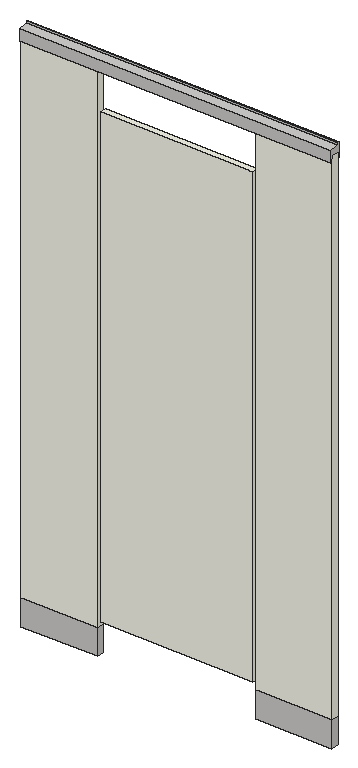
Revit family
Parameters (values of type "B2082")
  URL = "http://www.bobrick.com"
  Right Stile Headrail Value = if(Right Stile Visible, Right Stile Value, 0")  # 12"
  Partition Material = Laminated Plastic - Bobrick - Designer White
  Panel Value = if(DoorPanel Width < 1", 1", if(DoorPanel Width > 84", 84", DoorPanel Width))  # 24"
  Model = "B2082 DuraLineSeries Overhead Braced"
  Manufacturer = "Bobrick Washroom Equipment, Inc."
  Left Stile Headrail Value = if(Left Stile Visible, Left Stile Value, 0")  # 12"
  Inswing Value = if(DoorPanel Width < 22", 22", if(DoorPanel Width > 37", 37", DoorPanel Width))  # 24"
  DoorPanel Width = 24"
  Right Stile Width = 12"
  Right Stile Visible = yes
  Right Stile Value = if(Right Stile Width < 3", 3", if(Right Stile Width > 24", 24", Right Stile Width))  # 12"
  Panel = not(Door Panel)  # no
  Outswing Value = if(DoorPanel Width < 25", 25", if(DoorPanel Width > 37", 37", DoorPanel Width))  # 25"
  Outswing = and(not(Inswing Visibility), Door Panel)  # no
  Left Stile Width = 12"
  Left Stile Visible = yes
  Left Stile Value = if(Left Stile Width < 3", 3", if(Left Stile Width > 24", 24", Left Stile Width))  # 12"
  Inswing Visibility = and(Inswing, Door Panel)  # yes
  Inswing = yes
  Width Value = if(Inswing Visibility, Inswing Value, if(Outswing, Outswing Value, if(Panel, Panel Value, 36")))  # 24"
  Door Panel = yes
  Description = "Laminated Plastic Partitions And Screens With Stainless Steel Edges"
  Assembly Code = "C1030200"
  ADA Compliant = yes
Reference planes (in)
  plane 1 "Center (Front/Back)": y = 0
  plane 2: z = 0
  plane 3 "Center (Left/Right)": x = 0
  plane 4: x = -24.5
  plane 5: x = 24.5
  plane 6: y = 0.5
  plane 7: y = -0.5
  plane 8: x = -12.5
  plane 9: x = 12.5
  plane 10: x = -12
  plane 11: x = 12
  plane 12: z = 4
  plane 13: z = 5
  plane 14: z = 77
  plane 15: z = 41
  plane 16: y = 24.5
  plane 17: x = 11
  plane 18: z = 85
  plane 19: z = 83.5625
  plane 20: z = 82.8125
  plane 21: z = 84.31651
Forms (in)
  Extrusion 1, solid, material "Laminated Plastic - Bobrick - Designer White" <- "Partition Material", visible <- "Left Stile Visible"
    sketch origin (0, 0, 0) x (1, 0, 0) y (0, 1, 0)
      loop
        line (-24.5, 0.5) -> (-24.5, -0.5) -> (-12.5, -0.5) -> (-12.5, 0.5) -> (-24.5, 0.5)
    from 4 to 83.5625
  Extrusion 2, solid, material "Stainless Steel - Bobrick - Satin", visible <- "Left Stile Visible"
    sketch origin (0, 0, 0) x (1, 0, 0) y (0, 1, 0)
      loop
        line (-24.5, 0.5) -> (-24.5, -0.5) -> (-12.5, -0.5) -> (-12.5, 0.5) -> (-24.5, 0.5)
    from 0 to 4
  Extrusion 3, solid, material "Laminated Plastic - Bobrick - Designer White" <- "Partition Material"
    sketch origin (0, 0, 0) x (1, 0, 0) y (0, 1, 0)
      loop
        line (-12, 0.5) -> (-12, -0.5) -> (12, -0.5) -> (12, 0.5) -> (-12, 0.5)
    from 5 to 77
  Extrusion 4, solid, material "Laminated Plastic - Bobrick - Designer White" <- "Partition Material", visible <- "Right Stile Visible"
    sketch origin (0, 0, 0) x (-1, 0, 0) y (0, -1, 0)
      loop
        line (-24.5, -0.5) -> (-12.5, -0.5) -> (-12.5, 0.5) -> (-24.5, 0.5) -> (-24.5, -0.5)
    from 4 to 83.5625
  Extrusion 5, solid, material "Stainless Steel - Bobrick - Satin", visible <- "Right Stile Visible"
    sketch origin (0, 0, 0) x (-1, 0, 0) y (0, -1, 0)
      loop
        line (-24.5, -0.5) -> (-12.5, -0.5) -> (-12.5, 0.5) -> (-24.5, 0.5) -> (-24.5, -0.5)
    from 0 to 4
  Sweep 6, solid, material "Stainless Steel - Bobrick - Satin"
    path origin (0, 0, 0) x (1, 0, 0) y (0, 0, 1)
      loop
        line (-24.5, 85) -> (24.5, 85)
    profile origin (0, 0, 85) x (0, 0, 1) y (0, -1, 0)
      loop
        line (0, -0.5) -> (-0.25, -0.5) -> (-0.5625, 0.75) -> (-2.1875, 0.75) -> (-2.1875, 0.5) -> (-1.4375, 0.5) -> (-1.4375, -0.5) -> (-2.1875, -0.5) -> (-2.1875, -0.75) -> (0, -0.75) -> (0, -0.5)
Lines and regions (in)
  Masking region 1, visible <- "Left Stile Visible"
    outline origin (0, 0, 0) x (1, 0, 0) y (0, 0, 1)
      loop
        line (-24.5, 82.8125) -> (-24.5, 0) -> (-12.5, 0) -> (-12.5, 82.8125) -> (-24.5, 82.8125)
  Masking region 2
    outline origin (0, 0, 0) x (1, 0, 0) y (0, 0, 1)
      loop
        line (-12, 77) -> (-12, 5) -> (12, 5) -> (12, 77) -> (-12, 77)
  Masking region 3, visible <- "Right Stile Visible"
    outline origin (0, 0, 0) x (1, 0, 0) y (0, 0, 1)
      loop
        line (12.5, 82.8125) -> (12.5, 0) -> (24.5, 0) -> (24.5, 82.8125) -> (12.5, 82.8125)
  Masking region 4, visible <- "Door Panel"
    outline origin (0, 0, 0) x (1, 0, 0) y (0, 1, 0)
      loop
        line (11, 24.5) -> (11, 0.5) -> (12, 0.5) -> (12, 24.5) -> (11, 24.5)
  Masking region 5, visible <- "Left Stile Visible"
    outline origin (0, 0, 0) x (1, 0, 0) y (0, 1, 0)
      loop
        line (-24.5, 0.5) -> (-24.5, -0.5) -> (-12.5, -0.5) -> (-12.5, 0.5) -> (-24.5, 0.5)
  Masking region 6, visible <- "Right Stile Visible"
    outline origin (0, 0, 0) x (1, 0, 0) y (0, 1, 0)
      loop
        line (12.5, 0.5) -> (12.5, -0.5) -> (24.5, -0.5) -> (24.5, 0.5) -> (12.5, 0.5)
  Masking region 7, visible <- "Panel"
    outline origin (0, 0, 0) x (1, 0, 0) y (0, 1, 0)
      loop
        line (-12, -0.5) -> (12, -0.5) -> (12, 0.5) -> (-12, 0.5) -> (-12, -0.5)
  Masking region 8
    outline origin (0, 0, 0) x (0, 1, 0) y (0, 0, 1)
      loop
        line (0.5, 83.5625) -> (-0.5, 83.5625) -> (-0.5, 0) -> (0.5, 0) -> (0.5, 83.5625)
  Masking region 9
    outline origin (0, 0, 0) x (1, 0, 0) y (0, 0, 1)
      loop
        line (24.5, 85) -> (-24.5, 85) -> (-24.5, 82.8125) -> (24.5, 82.8125) -> (24.5, 85)
  Masking region 10
    outline origin (0, 0, 0) x (0, 1, 0) y (0, 0, 1)
      loop
        line (0.75, 82.8125) -> (0.75, 85) -> (0.5, 85) -> (0.5, 84.75) -> (-0.75, 84.4375) -> (-0.75, 82.8125) -> (-0.5, 82.8125) -> (-0.5, 83.5625) -> (0.5, 83.5625) -> (0.5, 82.8125) -> (0.75, 82.8125)
  symbolic lines, visible <- "Left Stile Visible"
    curve 1: line (-24.5, 0, 4) -> (-12.5, 0, 4)
  symbolic lines, visible <- "Right Stile Visible"
    curve 2: line (12.5, 0, 4) -> (24.5, 0, 4)
  symbolic lines, style "Partition Elevation Swing", visible <- "Door Panel"
    curve 3: line (-12, 0, 77) -> (12, 0, 40.89791)
    curve 4: line (12, 0, 40.89791) -> (-12, 0, 5)
    curve 5: arc (-12, 0.5, 0) -> (-4.97056, 17.47056, 0) -> (12, 24.5, 0) r 24
  symbolic lines, style "Partition"
    curve 6: line (0, 0.5, 4) -> (0, -0.5, 4)
    curve 7: line (-24.5, 0, 84.31651) -> (24.5, 0, 84.31651)
Dimensions and locks (in)
  equal spacing: host sketch curve, plane 1 "Center (Front/Back)", host sketch curve
  equal spacing: host sketch curve, plane 3 "Center (Left/Right)", host sketch curve
  host sketch curve to host sketch curve = 120"  (x2)
  locked: plane 8 to plane 10 at 0.5
  locked: plane 11 to plane 9 at 0.5
  "Width Value": plane 10 to plane 11
  equal spacing: plane 10, plane 3 "Center (Left/Right)", plane 11
  "Left Stile Value": plane 4 to plane 8
  "Right Stile Value": plane 9 to plane 5
  locked: plane 12 to level at 4
  locked: plane 13 to level at 5
  locked: plane 18 to level at 85
  locked: plane 6 to plane 7 at 1
  equal spacing: plane 6, plane 1 "Center (Front/Back)", plane 7
  equal spacing: plane 14, plane 15, plane 13
  "Width Value": plane 16 to plane 6
  locked: plane 17 to plane 11 at 1
  locked: plane 14 to plane 13 at 72
  "Left Stile Headrail Value": plane 8 to Sweep 6 sketch curve
  "Right Stile Headrail Value": Sweep 6 sketch curve to plane 9
  locked: plane 18 to plane 19 at 1.4375
  locked: plane 18 to plane 20 at 2.1875
  aligned and locked: level to plane 2
  aligned and locked: Extrusion 1 sketch curve to plane 6
  aligned and locked: plane 4 to Extrusion 1 sketch curve
  aligned and locked: plane 7 to Extrusion 1 sketch curve
  aligned and locked: Extrusion 1 sketch curve to plane 8
  aligned: Extrusion 1 to level
  aligned: plane 14 to Extrusion 1
  aligned and locked: Extrusion 1 to plane 12
  aligned and locked: plane 4 to Extrusion 2 sketch curve
  aligned and locked: Extrusion 2 sketch curve to plane 6
  aligned and locked: Extrusion 2 sketch curve to plane 8
  aligned and locked: plane 7 to Extrusion 2 sketch curve
  aligned and locked: plane 12 to Extrusion 2
  aligned and locked: Extrusion 2 to level
  aligned and locked: plane 10 to Extrusion 3 sketch curve
  aligned and locked: Extrusion 3 sketch curve to plane 6
  aligned and locked: plane 7 to Extrusion 3 sketch curve
  aligned and locked: Extrusion 3 sketch curve to plane 11
  aligned and locked: plane 14 to Extrusion 3
  aligned and locked: Extrusion 3 to plane 13
  aligned and locked: Extrusion 5 sketch curve to plane 9
  aligned and locked: plane 6 to Extrusion 5 sketch curve
  aligned and locked: plane 5 to Extrusion 5 sketch curve
  aligned and locked: Extrusion 5 sketch curve to plane 7
  aligned and locked: Extrusion 4 sketch curve to plane 9
  aligned and locked: plane 6 to Extrusion 4 sketch curve
  aligned and locked: Extrusion 4 sketch curve to plane 7
  aligned and locked: plane 5 to Extrusion 4 sketch curve
  aligned: plane 14 to Extrusion 4
  aligned and locked: Masking region 1 sketch curve to plane 4
  aligned and locked: Masking region 1 sketch curve to level
  aligned and locked: Masking region 1 sketch curve to plane 8
  aligned and locked: Masking region 2 sketch curve to plane 14
  aligned and locked: Masking region 2 sketch curve to plane 10
  aligned and locked: Masking region 2 sketch curve to plane 11
  aligned and locked: Masking region 2 sketch curve to plane 13
  aligned and locked: Masking region 3 sketch curve to plane 9
  aligned and locked: Masking region 3 sketch curve to plane 5
  aligned and locked: Masking region 3 sketch curve to level
  aligned and locked: curve 1 to plane 12
  aligned and locked: plane 4 to curve 1
  aligned and locked: plane 8 to curve 1
  aligned and locked: curve 2 to plane 12
  aligned and locked: plane 5 to curve 2
  aligned and locked: plane 9 to curve 2
  aligned and locked: plane 14 to curve 3
  aligned and locked: plane 10 to curve 3
  aligned and locked: plane 11 to curve 4
  aligned and locked: plane 10 to curve 4
  aligned and locked: plane 13 to curve 4
  aligned and locked: Masking region 4 sketch curve to plane 16
  aligned and locked: plane 17 to Masking region 4 sketch curve
  aligned and locked: plane 6 to Masking region 4 sketch curve
  aligned and locked: Masking region 4 sketch curve to plane 11
  aligned and locked: Masking region 5 sketch curve to plane 6
  aligned and locked: plane 4 to Masking region 5 sketch curve
  aligned and locked: plane 7 to Masking region 5 sketch curve
  aligned and locked: Masking region 5 sketch curve to plane 8
  aligned and locked: Masking region 6 sketch curve to plane 6
  aligned and locked: plane 9 to Masking region 6 sketch curve
  aligned and locked: plane 7 to Masking region 6 sketch curve
  aligned and locked: Masking region 6 sketch curve to plane 5
  aligned and locked: Masking region 4 to curve 5
  aligned and locked: plane 10 to curve 5
  aligned and locked: plane 6 to curve 5  (x2)
  aligned and locked: plane 11 to curve 5
  aligned and locked: Masking region 7 sketch curve to plane 7
  aligned and locked: Masking region 7 sketch curve to plane 10
  aligned and locked: plane 6 to Masking region 7 sketch curve
  aligned and locked: plane 11 to Masking region 7 sketch curve
  aligned and locked: level to Masking region 8 sketch curve
  aligned and locked: Masking region 8 sketch curve to plane 6
  aligned and locked: plane 7 to Masking region 8 sketch curve
  aligned and locked: plane 12 to curve 6
  aligned and locked: plane 7 to curve 6
  aligned and locked: plane 6 to curve 6
  aligned and locked: Sweep 6 sketch curve to plane 18
  aligned: Extrusion 1 to Masking region 1
  aligned: Masking region 1 sketch curve to plane 20
  aligned and locked: Masking region 3 sketch curve to plane 20
  aligned and locked: plane 19 to Extrusion 4
  aligned and locked: Masking region 9 sketch curve to plane 4
  aligned and locked: plane 5 to Masking region 9 sketch curve
  aligned and locked: plane 18 to Masking region 9 sketch curve
  aligned and locked: curve 7 to plane 21
  aligned and locked: plane 4 to curve 7
  aligned and locked: plane 5 to curve 7
  aligned and locked: plane 19 to Extrusion 1
  aligned and locked: Masking region 8 sketch curve to plane 19
  aligned and locked: plane 20 to Masking region 10 sketch curve
  aligned and locked: Masking region 10 sketch curve to Sweep 6  (x9)
  aligned and locked: Extrusion 5 to level
  aligned and locked: Extrusion 4 to plane 12
  aligned and locked: plane 12 to Extrusion 5
Automatic sketch dimensions
  curve 4 to plane 15 = 0.10209"
  profile plane to Sweep 6 sketch curve = 0"
  profile plane to Sweep 6 sketch curve = 1/4"
  profile plane to Sweep 6 sketch curve = 9/16"
  Sweep 6 sketch curve to Sweep 6 sketch curve = 7/8"
  Sweep 6 sketch curve to Sweep 6 sketch curve = 3/4"  (x2)
  Sweep 6 sketch curve to plane 1 "Center (Front/Back)" = 3/4"
  Sweep 6 sketch curve to Sweep 6 sketch curve = 1/4"  (x2)
  plane 1 "Center (Front/Back)" to Sweep 6 sketch curve = 1/2"
  plane 1 "Center (Front/Back)" to Sweep 6 sketch curve = 3/4"
  Masking region 9 sketch curve to plane 20 = 0"
  Masking region 1 sketch curve to plane 20 = 0"
